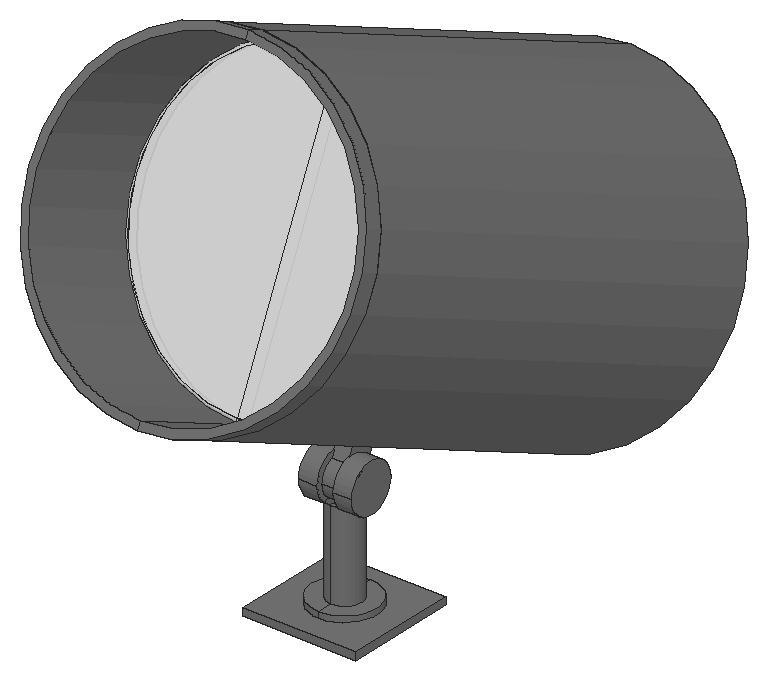
Revit family "AKTFCP30", category Lighting Fixtures, host Face, Revit 2012
Parameters (values of type "AKTFCP30")
  Wattage Comments = "300 W"
  Wattage = 300 W
  built-in parameter 1150110 = 1 (stored number, unit not read)
  built-in parameter 1114217 = 1 (stored number, unit not read)
  Tilt Angle = 60.00°
  built-in parameter 1150109 = 1 (stored number, unit not read)
  built-in parameter 1150134 = 3
  built-in parameter 1150113 = 1 (stored number, unit not read)
  Photometric Web File = "generic"
  built-in parameter 1150142 = (empty or 0)
  built-in parameter 1150105 = 3546.2 (stored number, unit not read)
  Lumens = 44562.6 lm
  built-in parameter 1150115 = 1 (stored number, unit not read)
  built-in parameter 1150137 = (empty or 0)
  built-in parameter 1150139 = (empty or 0)
  built-in parameter 1150112 = 1 (stored number, unit not read)
  built-in parameter 1150114 = 1 (stored number, unit not read)
  built-in parameter 1150132 = (empty or 0)
  built-in parameter 1150102 = (empty or 0)
  built-in parameter 1150107 = 3200 (stored number, unit not read)
  built-in parameter 1150138 = (empty or 0)
  built-in parameter 1150106 = 35.462 (stored number, unit not read)
  Finish = Baked enamel finish (Black)
  URL = "http://www.prescolite.com"
  Product Page URL = "http://www.prescolite.com/products/flat_back_cylinders/"
  Product Documentation Link = "http://www.prescolite.com/content/products/specs/specs_files/atrk_015.pdf"
  Model = "AKTFCP30"  # constant formula
  Manufacturer Phone = "864-678-1000"  # constant formula
  Manufacturer Fax = "864-678-1065"  # constant formula
  Manufacturer = "Prescolite"  # constant formula
  Lamp = "1"
  Glass = Glass
  Family = "Flat Back Cylinder"
  built-in parameter 1150104 = 13.8 (stored number, unit not read)
  Dimming Lamp Color Temperature Shift = <None>
  Description = "One Line Voltage Lamp up to 300W"  # constant formula
  Default Elevation = 48"
  Color Filter = 16777215
  built-in parameter 1114218 = 1 (stored number, unit not read)
  built-in parameter 1150133 = 10 (stored number, unit not read)
Reference planes (in)
  plane 1 "Center (Front/Back)": y = 0
  plane 2: z = 0
  plane 3 "Center (Left/Right)": x = 0.0375
  plane 4: z = 7.625
  plane 5: through (0, -4.3619, 6.50425) normal (0, -0.4226, -0.9063)
  plane 6: through (0, -2.43684, 5.80741) normal (0, -0.9063, 0.4226)
  plane 7: through (0, -1.58928, 7.625) normal (0, -0.4226, -0.9063)
  plane 8: through (0, 5.20488, 5.63172) normal (0, -0.9063, 0.4226)
  plane 9: z = 0.1
  plane 10: through (0, -3.43824, 3.6599) normal (0, -0.4226, -0.9063)
Forms (in)
  Revolve 1, solid, material "Baked enamel finish (Black)" <- "Finish"
    sketch origin (0.0375, -1.23728, 0.79685) x (0, -1, 0) y (0, 0, 1)
      loop
        line (0.352, 6.82815) -> (0.12543, 6.7225) -> (0.15791, 6.65285) -> (-1.41618, 5.91884) -> (-1.40315, 5.8909) -> (0.39751, 6.73056) -> (0.352, 6.82815)
      axis (1.27648, 4.84561) -> (-0.52418, 4.00594)
    angle from 0 to 360
  Extrusion 2, solid, material "Baked enamel finish (Black)" <- "Finish"
    sketch origin (0.075, -0.42713, 0) x (-1, 0, 0) y (0, 0, 1)
      loop
        line (-0.7125, 0) -> (0.7875, 0) -> (0.7875, 0.1) -> (-0.7125, 0.1) -> (-0.7125, 0)
    from 1.17652 to -0.32287
  Revolve 3, solid, material "Glass" <- "Glass"
    sketch origin (0.0375, 1.54199, -1.09764) x (0, -1, 0) y (0, 0, 1)
      loop
        line (2.46673, 5.99911) -> (1.61061, 7.83508)
        arc (1.61061, 7.83508) -> (1.58154, 7.86171) -> (1.54216, 7.85999) r 0.0515
        line (1.54216, 7.85999) -> (1.3772, 7.78306) -> (2.25509, 5.90042) -> (2.46673, 5.99911)
      axis (2.46673, 5.99911) -> (2.25509, 5.90042)
    angle from 0 to 360
  Revolve 4, solid, material "Baked enamel finish (Black)" <- "Finish"
    sketch origin (0.0375, 0, 0.35349) x (0, -1, 0) y (0, 0, 1)
      loop
        line (1.36271, 7.16586) -> (-4.75487, 4.31318) -> (-3.83039, 2.33063) -> (0.7131, 4.4493) -> (-0.17824, 6.36077) -> (1.39585, 7.09478) -> (1.36271, 7.16586)
      axis (2.28718, 5.18331) -> (-3.83039, 2.33063)
    angle from 0 to 360
  Extrusion 5, solid, material "Baked enamel finish (Black)" <- "Finish"
    sketch origin (0.0375, 0, 0) x (0, -1, 0) y (0, 0, 1)
      loop
        circle (0, 1.58373) r 0.32115
    from -0.35284 to 0.3536
  Revolve 6, solid, material "Baked enamel finish (Black)" <- "Finish"
    sketch origin (0.0375, 0, 0) x (0, -1, 0) y (0, 0, 1)
      loop
        line (0, 1.35) -> (-0.22024, 1.35) -> (-0.22024, 0.17646) -> (-0.4299, 0.17646) -> (-0.4299, 0.1) -> (0, 0.1) -> (0, 1.35)
      axis (0, 1.35) -> (0, 0.1)
    angle from 0 to 360
  Extrusion 7, void
    sketch origin (0.0375, 0, 0) x (0, -1, 0) y (0, 0, 1)
      loop
        circle (0, 1.58373) r 0.32115
    from -0.10705 to 0.1102
  Extrusion 8, solid, material "Baked enamel finish (Black)" <- "Finish"
    sketch origin (0.0375, 0, 0) x (0, -1, 0) y (0, 0, 1)
      loop
        circle (0, 1.58373) r 0.25
    from -0.10705 to 0.1102
  Extrusion 9, solid, material "Baked enamel finish (Black)" <- "Finish"
    sketch origin (0.0375, 0, 0) x (0, -1, 0) y (0, 0, 1)
      loop
        line (-0.41846, 2.08034) -> (-0.19678, 1.60496) -> (0.10982, 1.74794) -> (-0.11185, 2.22332) -> (-0.41846, 2.08034)
    from -0.10705 to 0.1102
Cuts and joins
  Extrusion 7 cuts Extrusion 5
  Extrusion 7 cuts Revolve 6
Dimensions and locks (in)
  locked: plane 4 to plane 2 at 7.625
  locked: plane 8 to plane 6 at 7
  locked: plane 7 to plane 10 at 4.375
  aligned and locked: plane 2 to host face
  aligned and locked: level to host face
  aligned and locked: level to Extrusion 2 sketch curve
  aligned and locked: Extrusion 2 sketch curve to level
  aligned and locked: plane 5 to Revolve 3 sketch curve  (x3)
  aligned and locked: Revolve 3 sketch curve to plane 5
  aligned and locked: Revolve 1 sketch curve to plane 5
  aligned and locked: plane 6 to Revolve 1
  aligned and locked: plane 8 to Revolve 4 sketch curve
  aligned and locked: Revolve 4 sketch curve to plane 8
  aligned and locked: plane 5 to Revolve 4 sketch curve
  aligned and locked: Extrusion 2 to plane 9
  aligned and locked: Extrusion 2 to Revolve 6 sketch curve  (x2)
  aligned and locked: Revolve 6 sketch curve to plane 1 "Center (Front/Back)"  (x2)
  aligned and locked: Extrusion 7 sketch curve to cut or joined group of Extrusion 5, Extrusion 7  (x2)
  aligned and locked: cut or joined group of Extrusion 5, Extrusion 7 to Extrusion 9
  aligned and locked: Extrusion 9 to cut or joined group of Extrusion 5, Extrusion 7
  aligned and locked: cut or joined group of Extrusion 5, Extrusion 7 to Extrusion 8  (x2)
  aligned and locked: Revolve 1 sketch curve to Revolve 4
  aligned and locked: plane 7 to Revolve 1 sketch curve
  aligned and locked: plane 6 to Revolve 1 sketch curve
  aligned and locked: Revolve 4 sketch curve to plane 5
  aligned and locked: Revolve 1 to Revolve 4
  aligned and locked: Revolve 4 to Revolve 3
  aligned and locked: plane 7 to Revolve 4 sketch curve
Connectors (in)
  electrical at (0.0375, -0.00031, 0), driven by "Description"
    settings: on Extrusion 2, index 1, voltage 0 V, apparent load 0 VA, apparent load phase1 0 VA, apparent load phase2 0 VA, apparent load phase3 0 VA, power factor 1, load classification "Other", number of poles 1, system type 30, power factor state 1, is connector primary yes, connector utility no, sub classification motor no, connector description "One Line Voltage Lamp up to 300W"
